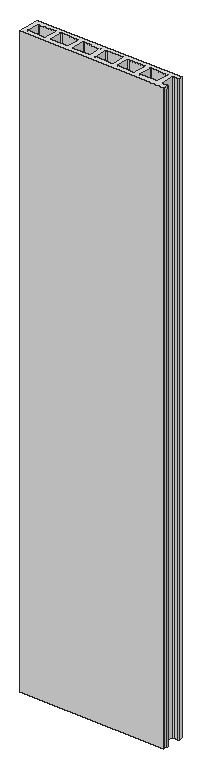
Revit family "ECP_MNH-7550A(オス側カット)", category 一般モデル, Revit 2022
Family settings
  鉄筋をホスト可能 = いいえ
  丸型コネクタ寸法 = 直径を使用
  パーツ タイプ = 標準
  作業面ベース = いいえ
  常に垂直 = はい
  ロード時にボイドで切り取り = はい
  注釈の向きを維持 = いいえ
  共有 = いいえ
  部屋計算ポイント = いいえ
Parameters (values of type "ECP_MNH-7550A")
  長さ [instance] = 2000 mm
  穴表示 = yes
  材質 = 40Msr_ECP
  既定の高さ = 0 mm
  既存長さ = 500 mm
  幅 [instance] = 490 mm
  固定寸法 = 490 mm
  厚さ = 75 mm
  オース側カット [instance] = 固定寸法 - 幅  # 0 mm
  4 オス側カット [instance] = yes
Reference planes
  plane 1 "中心(正面/背面)": y = 0
  plane 2: z = 0
  plane 3 "中心(左/右)": x = 0
  plane 4: y = -37.5
  plane 5: y = 37.5
  plane 6: z = 2000
  plane 7: x = 490
  plane 8: x = 0
Forms (mm)
  Extrusion 1, solid, material "40Msr_ECP" <- "材質", detail levels fine
    sketch origin (0, 0, 0) x (1, 0, 0) y (0, 1, 0)
      loop
        line (0, -35.5) -> (2, -37.5) -> (488, -37.5) -> (490, -35.5) -> (490, -25.5)
        arc (490, -25.5) -> (489.121, -23.379) -> (487, -22.5) r 3
        line (487, -22.5) -> (473, -22.5)
        arc (473, -22.5) -> (470.879, -21.621) -> (470, -19.5) r 3
        line (470, -19.5) -> (470, 19.5)
        arc (470, 19.5) -> (470.879, 21.621) -> (473, 22.5) r 3
        line (473, 22.5) -> (487, 22.5)
        arc (487, 22.5) -> (489.121, 23.379) -> (490, 25.5) r 3
        line (490, 25.5) -> (490, 35.5) -> (488, 37.5) -> (2, 37.5) -> (0, 35.5) -> (0, 22.5)
        arc (0, 22.5) -> (-0.879, 20.379) -> (-3, 19.5) r 3
        line (-3, 19.5) -> (-17, 19.5)
        arc (-17, 19.5) -> (-19.121, 18.621) -> (-20, 16.5) r 3
        line (-20, 16.5) -> (-20, -16.5)
        arc (-20, -16.5) -> (-19.121, -18.621) -> (-17, -19.5) r 3
        line (-17, -19.5) -> (-3, -19.5)
        arc (-3, -19.5) -> (-0.879, -20.379) -> (0, -22.5) r 3
        line (0, -22.5) -> (0, -35.5)
    from 0 to 2000
  Extrusion 2, void
    sketch origin (-50, 0, 0) x (1, 0, 0) y (0, 1, 0)
      loop
        line (50, -37.5) -> (50, 37.5) -> (30, 37.5) -> (30, -37.5) -> (50, -37.5)
    from 0 to 2000
  Extrusion 3, void
    sketch origin (-617, 0, 0) x (1, 0, 0) y (0, 1, 0)
      loop
        line (636.001, -22.5) -> (690.6, -22.5)
        arc (690.6, -22.5) -> (692.722, -21.621) -> (693.6, -19.5) r 3
        line (693.6, -19.5) -> (693.6, 19.5)
        arc (693.6, 19.5) -> (692.722, 21.621) -> (690.6, 22.5) r 3
        line (690.6, 22.5) -> (636.001, 22.5)
        arc (636.001, 22.5) -> (633.879, 21.621) -> (633.001, 19.5) r 3
        line (633.001, 19.5) -> (633.001, -19.5)
        arc (633.001, -19.5) -> (633.879, -21.621) -> (636.001, -22.5) r 3
      loop
        line (711.6, -22.5) -> (766.001, -22.5)
        arc (766.001, -22.5) -> (768.122, -21.621) -> (769.001, -19.5) r 3
        line (769.001, -19.5) -> (769.001, 19.5)
        arc (769.001, 19.5) -> (768.122, 21.621) -> (766.001, 22.5) r 3
        line (766.001, 22.5) -> (711.6, 22.5)
        arc (711.6, 22.5) -> (709.479, 21.621) -> (708.6, 19.5) r 3
        line (708.6, 19.5) -> (708.6, -19.5)
        arc (708.6, -19.5) -> (709.479, -21.621) -> (711.6, -22.5) r 3
      loop
        line (787.001, -22.5) -> (841.6, -22.5)
        arc (841.6, -22.5) -> (843.722, -21.621) -> (844.6, -19.5) r 3
        line (844.6, -19.5) -> (844.6, 19.5)
        arc (844.6, 19.5) -> (843.722, 21.621) -> (841.6, 22.5) r 3
        line (841.6, 22.5) -> (787.001, 22.5)
        arc (787.001, 22.5) -> (784.879, 21.621) -> (784.001, 19.5) r 3
        line (784.001, 19.5) -> (784.001, -19.5)
        arc (784.001, -19.5) -> (784.879, -21.621) -> (787.001, -22.5) r 3
      loop
        line (862.601, -22.5) -> (917.001, -22.5)
        arc (917.001, -22.5) -> (919.122, -21.621) -> (920.001, -19.5) r 3
        line (920.001, -19.5) -> (920.001, 19.5)
        arc (920.001, 19.5) -> (919.122, 21.621) -> (917.001, 22.5) r 3
        line (917.001, 22.5) -> (862.601, 22.5)
        arc (862.601, 22.5) -> (860.479, 21.621) -> (859.601, 19.5) r 3
        line (859.601, 19.5) -> (859.601, -19.5)
        arc (859.601, -19.5) -> (860.479, -21.621) -> (862.601, -22.5) r 3
      loop
        line (938.001, -22.5) -> (992.6, -22.5)
        arc (992.6, -22.5) -> (994.722, -21.621) -> (995.6, -19.5) r 3
        line (995.6, -19.5) -> (995.6, 19.5)
        arc (995.6, 19.5) -> (994.722, 21.621) -> (992.6, 22.5) r 3
        line (992.6, 22.5) -> (938.001, 22.5)
        arc (938.001, 22.5) -> (935.879, 21.621) -> (935.001, 19.5) r 3
        line (935.001, 19.5) -> (935.001, -19.5)
        arc (935.001, -19.5) -> (935.879, -21.621) -> (938.001, -22.5) r 3
      loop
        line (1013.6, -22.5) -> (1068, -22.5)
        arc (1068, -22.5) -> (1070.122, -21.621) -> (1071, -19.5) r 3
        line (1071, -19.5) -> (1071, 19.5)
        arc (1071, 19.5) -> (1070.122, 21.621) -> (1068, 22.5) r 3
        line (1068, 22.5) -> (1013.6, 22.5)
        arc (1013.6, 22.5) -> (1011.479, 21.621) -> (1010.6, 19.5) r 3
        line (1010.6, 19.5) -> (1010.6, -19.5)
        arc (1010.6, -19.5) -> (1011.479, -21.621) -> (1013.6, -22.5) r 3
    from 0 to 2000
Cuts and joins
  Extrusion 2, Extrusion 3 cuts Extrusion 1
Lines and regions (mm)
  symbolic lines, style "ECPパネル", detail levels coarse+medium
    curve 1: line (0, 37.5, 0) -> (490, 37.5, 0)
    curve 2: line (0, -37.5, 0) -> (0, 37.5, 0)
    curve 3: line (490, -37.5, 0) -> (0, -37.5, 0)
    curve 4: line (490, 37.5, 0) -> (490, -37.5, 0)
    curve 5: line (0, 0, 0) -> (490, 0, 0)
    curve 6: line (0, 0, 2000) -> (0, 0, 0)
    curve 7: line (490, 0, 2000) -> (0, 0, 2000)
    curve 8: line (490, 0, 0) -> (490, 0, 2000)
    curve 9: line (0, -37.5, 2000) -> (0, 37.5, 2000)
    curve 10: line (0, -37.5, 0) -> (0, -37.5, 2000)
    curve 11: line (0, 37.5, 0) -> (0, -37.5, 0)
    curve 12: line (0, 37.5, 2000) -> (0, 37.5, 0)
Dimensions and locks
  "厚さ": plane 4 to plane 5
  "長さ": plane 6 to level
  equal spacing: plane 4, plane 1 "中心(正面/背面)", plane 5
  "長さ": cut or joined group of Extrusion 1, Extrusion 2, Extrusion 3 to level
  "長さ": Extrusion 2 to level
  "幅": cut or joined group of Extrusion 1, Extrusion 2, Extrusion 3 to curve 8
  "長さ": level to Extrusion 3
  "固定寸法": plane 3 "中心(左/右)" to cut or joined group of Extrusion 1, Extrusion 2, Extrusion 3
  "幅": plane 8 to plane 7
  "オース側カット": plane 3 "中心(左/右)" to Extrusion 2 sketch curve
  aligned and locked: level to plane 2
Automatic sketch dimensions
  curve 11 to level = 0 mm
  curve 11 to plane 4 = 0 mm
  curve 11 to plane 5 = 0 mm
  curve 10 to plane 6 = 0 mm
  curve 7 to plane 3 "中心(左/右)" = 0 mm
  curve 5 to level = 0 mm
  curve 7 to plane 6 = 0 mm
  Extrusion 1 sketch curve to plane 3 "中心(左/右)" = 0 mm  (x2)
  plane 5 to Extrusion 1 sketch curve = 0 mm
  plane 4 to Extrusion 1 sketch curve = 0 mm
  Extrusion 1 sketch curve to plane 3 "中心(左/右)" = 3 mm  (x2)
  Extrusion 1 sketch curve to Extrusion 1 sketch curve = 14 mm  (x4)
  Extrusion 1 sketch curve to Extrusion 1 sketch curve = 3 mm  (x3)
  plane 3 "中心(左/右)" to Extrusion 1 sketch curve = 2 mm  (x2)
  plane 1 "中心(正面/背面)" to Extrusion 1 sketch curve = 19.5 mm
  Extrusion 1 sketch curve to Extrusion 1 sketch curve = 1 mm  (x2)
  Extrusion 1 sketch curve to Extrusion 1 sketch curve = 2 mm  (x2)
  Extrusion 1 sketch curve to plane 4 = 2 mm  (x2)
  Extrusion 1 sketch curve to Extrusion 1 sketch curve = 13 mm
  Extrusion 1 sketch curve to plane 1 "中心(正面/背面)" = 16.5 mm
  Extrusion 1 sketch curve to plane 1 "中心(正面/背面)" = 19.5 mm
  plane 5 to Extrusion 1 sketch curve = 2 mm  (x2)
  plane 3 "中心(左/右)" to Extrusion 3 sketch curve = 16 mm
  Extrusion 3 sketch curve to Extrusion 3 sketch curve = 3 mm  (x19)
  plane 5 to Extrusion 3 sketch curve = 15 mm  (x5)
  Extrusion 3 sketch curve to Extrusion 3 sketch curve = 54.6 mm  (x3)
  Extrusion 3 sketch curve to Extrusion 3 sketch curve = 0 mm  (x6)
  Extrusion 3 sketch curve to Extrusion 3 sketch curve = 54.4 mm  (x3)
  Extrusion 3 sketch curve to Extrusion 3 sketch curve = 15 mm  (x5)
  plane 1 "中心(正面/背面)" to Extrusion 3 sketch curve = 19.5 mm  (x5)
  Extrusion 1 sketch curve to Extrusion 1 sketch curve = 468 mm
  curve 1 to plane 3 "中心(左/右)" = 0 mm
  plane 4 to curve 4 = 0 mm
  plane 5 to curve 1 = 0 mm
  curve 4 to plane 7 = 0 mm
  plane 1 "中心(正面/背面)" to Extrusion 3 sketch curve = 22.5 mm
  plane 4 to Extrusion 2 sketch curve = 0 mm
  plane 5 to Extrusion 2 sketch curve = 0 mm
  Extrusion 2 sketch curve to plane 3 "中心(左/右)" = 20 mm
